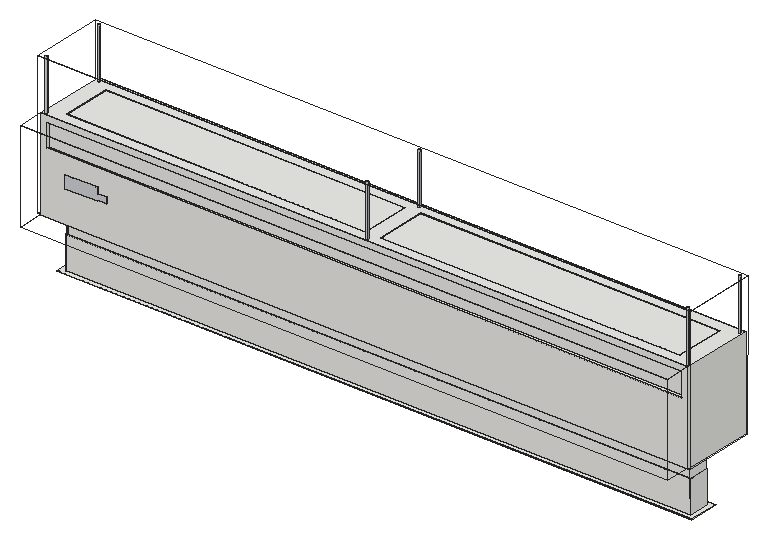
Revit family "AIRTECNICS_AIR CURTAIN_INVISAIR_ELECTRICAL HEATED (E)", category Mechanical Equipment, Revit 2016
Family settings
  Part Type = Normal
  Round Connector Dimension = Use Diameter
  OmniClass Number = 23.75.70.21.17
  OmniClass Title = Air Curtains
  Work Plane-Based = No
  Always vertical = Yes
  Cut with Voids When Loaded = No
  Shared = No
  Room Calculation Point = No
Parameters (values of type "IECG 2500 E")
  · POSITION · [instance] = "-/ Select Curtain Position /-"  # constant formula
  · OTHERS · [instance] = "-/ Select Supports - Inst.Maint. Space /-"  # constant formula
  · KITS CONFIGURATION · [instance] = "-/ Configure Length Kit /-"  # constant formula
  · HEATING · [instance] = "-/ Select Heating /-"  # constant formula
  Weight [instance] = size_lookup(Name_Lookup_Data, "Weight", 1.00 kg, CT, CE, CM)  # 103.00 kg
  WAn [instance] = if(Vertical Left, 180.00°, if(Vertical Right, 0.00°, 90.00°))  # 90.00°
  Voltage [instance] = 400 V  # constant formula
  Vertical Right [instance] = no
  Vertical Left [instance] = no
  URL_Manufacturer = "https://www.airtecnics.com/"
  URL_Datasheet = "https://www.airtecnics.com/download/file/1936/invisair.pdf"
  Supports Length [instance] = 200.0 mm
  Supports (Horizontal) [instance] = yes
  Special Installation [instance] = no
  Revit Version = "Revit 2016 - English"  # constant formula
  Review Date = "11/2018"  # constant formula
  Remote Control = "IR-AIR"  # constant formula
  URL = "https://www.airtecnics.com/products/air-curtain-invisair"
  Product Size = if(L = 1500.0 mm, "1500", if(L = 2000.0 mm, "2000", "2500"))  # "2500"
  Product Reference [instance] = size_lookup(Name_Lookup_Ref, "", "Consult Manufacturer", CT, CE, CM)  # "IECG 2500 E"
  Product Heating [instance] = if(CE = 0, "E Standard", if(CE = 2, "E Limited 1/3", "E Limited 2/3"))  # "E Standard"
  Product Description [instance] = size_lookup(Name_Lookup_Data, "", "Consult Manufacturer", CT, CE, CM)  # "Specially designed for applications where the body of the air curtain is to be installed inside a column or bulkhead for architectural reasons. It can be vertically or horizontally mounted.\r\nSelf-supporting casing construction made of galvanized steel plate, finished in structural epoxy-polyester painting white colour RAL9016 as standard. Other colours or stainless steel are available on request. \r\nThe air flow of Invisair follows a straight line from the air inlet grille to the to the discharge. Inlet area inside a bulkhead or column should be designed with suitable grille provided by others.\r\nAnodized aluminium outlet vanes, airfoil shaped, adjustable from 0 to 15º each side.\r\nDouble-inlet centrifugal fans driven by an external rotor motor and low noise level. 5-speed selector. EC models assembled with very low consumption efficiency fans. \r\n“E” type with electrical shielded elements, three stages with integrated regulation. \r\nIncludes Plug&Play control with 7m RJ45 cable and infrared remote control. Optional: Clever control (programmable, automatic, intelligent, energy saving, Modbus RTU for BMS…)\r\nAir Volume: 6300 m3/h \r\nFans:  0,497 kW  4,34 A 230Vx1 50/60Hz\r\nHeating power: 10/20/30 kW (400Vx3)\r\nDimensions: 285x570/620x2555 mm (depth, height, length), including telescopic outlet for easy installation."
  Power Fans Factor [instance] = if(or(CM = 2, CM = 8), 0.98, 0.5)  # 0.5
  Power Fans [instance] = size_lookup(Name_Lookup_Data, "Power Fans", 1 kW, CT, CE, CM)  # 0.497 kW
  Power Factor [instance] = size_lookup(Name_Lookup_Data, "Power Factor", 1, CT, CE, CM)  # 0.95249
  Outlet Kit Length [instance] = 210.0 mm
  Noise Level (dB(A)) [instance] = size_lookup(Name_Lookup_Data, "Noise Level (dB(A))", 1, CT, CE, CM)  # 64
  Name_Lookup_Ref = "INVISAIR_(E)_Ref_Lookup"  # constant formula
  Name_Lookup_Electrical = "INVISAIR_(E)_Electrical_Lookup"  # constant formula
  Name_Lookup_Data = "INVISAIR_(E)_Data_Lookup"  # constant formula
  Model = "Air Curtain Invisair E"  # constant formula
  Material Grille = AIRTECNICS_Perforated_Invisair_White RAL 9016
  Material Curtain [instance] = AIRTECNICS_White RAL 9016
  M = no
  Li1 [instance] = if(Horizontal, 0.0 mm, if(L = 1500.0 mm, L / 2 + 65.0 mm, L / 2 + 67.5 mm))  # 0.0 mm
  Length = if(L > 1500.0 mm, L + 55.0 mm, L + 50.0 mm)  # 2555.0 mm
  Kits Range [instance] = "Max. 260 mm / Min. 210 mm"  # constant formula
  Height [instance] = 570.0 mm + Outlet Kit Length - 210.0 mm + Depth - Depth  # 570.0 mm
  G = yes
  Frequency = 50 Hz  # constant formula
  Fans Stage = 5  # constant formula
  Family Version = "1.0"  # constant formula
  Electrical Heating Capacity (kW) [instance] = size_lookup(Name_Lookup_Electrical, "", "Consult Manufacturer", CT, CE, CM)  # "10/20/30"
  Electrical + Current Fans [instance] = size_lookup(Name_Lookup_Data, "Electrical + Current Fans", 1 A, CT, CE, CM)  # 47.69 A
  EC = yes
  E Standard [instance] = if(CE = 0, 1 = 1, 1 = 0)  # yes
  E Limited 2/3 [instance] = no
  E Limited 1/3 [instance] = no
  Depth = 285.0 mm  # constant formula
  Current Fans [instance] = size_lookup(Name_Lookup_Data, "Current Fans", 1 A, CT, CE, CM)  # 4.34 A
  Created by = "BIMETRICAL"  # constant formula
  Control [instance] = "CE-5AW-IR"  # constant formula
  Cable = "CB7"  # constant formula
  CT [instance] = if(L = 1500.0 mm, 4, 0) + if(L = 2000.0 mm, 8, 0) + if(L = 2500.0 mm, 16, 0)  # 16
  CM [instance] = if(M, 2, 0) + if(EC, 4, 0) + if(G, 8, 0)  # 12
  CE [instance] = if([E Limited 1/3], 2, 0) + if([E Limited 2/3], 4, 0)  # 0
  Aspiration/Maintenance Space [instance] = yes
  Airflow [instance] = size_lookup(Name_Lookup_Data, "Airflow", 1 m³/h, CT, CE, CM)  # 6300 m³/h
  L = 2500.0 mm
  Type Image = <None>
  IfcExportType = "ELECTRICHEATINGCOIL"  # constant formula
  IfcExportAs = "IfcCoilType"  # constant formula
  Horizontal [instance] = if(or(Vertical Left, Vertical Right), 1 = 0, 1 = 1)  # yes
  Manufacturer = "AIRTECNICS"  # constant formula
  Description = ""
  Type Comments = "Specially designed for applications where the body of the air curtain is to be installed inside a column or bulkhead for architectural reasons. It can be vertically or horizontally mounted.\r\nSelf-supporting casing construction made of galvanized steel plate, finished in structural epoxy-polyester painting white colour RAL9016 as standard. Other colours or stainless steel are available on request.\r\nThe air flow of Invisair follows a straight line from the air inlet grille to the to the discharge. Inlet area inside a bulkhead or column should be designed with suitable grille provided by others.\r\nAnodized aluminium outlet vanes, airfoil shaped, adjustable from 0 to 15º each side.\r\nDouble-inlet centrifugal fans driven by an external rotor motor and low noise level. 5-speed selector. EC models assembled with very low consumption efficiency fans.\r\n“P” type with water heated coil. “E” type with electrical shielded elements, three stages with integrated regulation. “A” type without heating, air only. Optional expansion DX coil.\r\nIncludes Plug&Play control with 7m RJ45 cable and infrared remote control. Optional: Clever control (programmable, automatic, intelligent, energy saving, Modbus RTU for BMS…)\r\n"  # constant formula
  BIMETRICAL Category = "Coil"  # constant formula
  BIMETRICAL = "http://www.bimetrical.com"  # constant formula
  3rd Phase [instance] = size_lookup(Name_Lookup_Data, "3rd Phase", 1 VA, CT, CE, CM)  # 10000 VA
  2nd Phase [instance] = size_lookup(Name_Lookup_Data, "2nd Phase", 1 VA, CT, CE, CM)  # 10000 VA
  1st Phase [instance] = size_lookup(Name_Lookup_Data, "1st Phase", 1 VA, CT, CE, CM)  # 10994 VA
Types (9, lengths in mm): name | Weight | Product Size | Product Reference | Product Description | Power Fans Factor | Power Fans | Power Factor | Noise Level (dB(A)) | M | Length | G | Electrical Heating Capacity (kW) | Electrical + Current Fans | EC | Current Fans | CT | CM | Airflow | L | 3rd Phase | 2nd Phase | 1st Phase
  IECG 2500 E | 103.00 kg | "2500" | "IECG 2500 E" | "Specially designed for applications where the body of the air curtain is to be installed inside a column or bulkhead for architectural reasons. It can be vertically or horizontally mounted.\r\nSelf-supporting casing construction made of galvanized steel plate, finished in structural epoxy-polyester painting white colour RAL9016 as standard. Other colours or stainless steel are available on request. \r\nThe air flow of Invisair follows a straight line from the air inlet grille to the to the discharge. Inlet area inside a bulkhead or column should be designed with suitable grille provided by others.\r\nAnodized aluminium outlet vanes, airfoil shaped, adjustable from 0 to 15º each side.\r\nDouble-inlet centrifugal fans driven by an external rotor motor and low noise level. 5-speed selector. EC models assembled with very low consumption efficiency fans. \r\n“E” type with electrical shielded elements, three stages with integrated regulation. \r\nIncludes Plug&Play control with 7m RJ45 cable and infrared remote control. Optional: Clever control (programmable, automatic, intelligent, energy saving, Modbus RTU for BMS…)\r\nAir Volume: 6300 m3/h \r\nFans:  0,497 kW  4,34 A 230Vx1 50/60Hz\r\nHeating power: 10/20/30 kW (400Vx3)\r\nDimensions: 285x570/620x2555 mm (depth, height, length), including telescopic outlet for easy installation." | 0.5 | 0.497 kW | 0.95249 | 64 | no | 2555.0 | yes | "10/20/30" | 47.69 A | yes | 4.34 A | 16 | 12 | 6300 m³/h | 2500.0 | 10000 VA | 10000 VA | 10994 VA
  IECG 2000 E | 96.00 kg | "2000" | "IECG 2000 E" | "Specially designed for applications where the body of the air curtain is to be installed inside a column or bulkhead for architectural reasons. It can be vertically or horizontally mounted.\r\nSelf-supporting casing construction made of galvanized steel plate, finished in structural epoxy-polyester painting white colour RAL9016 as standard. Other colours or stainless steel are available on request. \r\nThe air flow of Invisair follows a straight line from the air inlet grille to the to the discharge. Inlet area inside a bulkhead or column should be designed with suitable grille provided by others.\r\nAnodized aluminium outlet vanes, airfoil shaped, adjustable from 0 to 15º each side.\r\nDouble-inlet centrifugal fans driven by an external rotor motor and low noise level. 5-speed selector. EC models assembled with very low consumption efficiency fans. \r\n“E” type with electrical shielded elements, three stages with integrated regulation. \r\nIncludes Plug&Play control with 7m RJ45 cable and infrared remote control. Optional: Clever control (programmable, automatic, intelligent, energy saving, Modbus RTU for BMS…)\r\nAir Volume: 5400 m3/h \r\nFans:  0,426 kW  3,72 A 230Vx1 50/60Hz\r\nHeating power: 10/20/30 kW (400Vx3)\r\nDimensions: 285x570/620x2055 mm (depth, height, length), including telescopic outlet for easy installation." | 0.5 | 0.426 kW | 0.95872 | 63 | no | 2055.0 | yes | "10/20/30" | 47.07 A | yes | 3.72 A | 8 | 12 | 5400 m³/h | 2000.0 | 10000 VA | 10000 VA | 10852 VA
  IECG 1500 E | 73.00 kg | "1500" | "IECG 1500 E" | "Specially designed for applications where the body of the air curtain is to be installed inside a column or bulkhead for architectural reasons. It can be vertically or horizontally mounted.\r\nSelf-supporting casing construction made of galvanized steel plate, finished in structural epoxy-polyester painting white colour RAL9016 as standard. Other colours or stainless steel are available on request. \r\nThe air flow of Invisair follows a straight line from the air inlet grille to the to the discharge. Inlet area inside a bulkhead or column should be designed with suitable grille provided by others.\r\nAnodized aluminium outlet vanes, airfoil shaped, adjustable from 0 to 15º each side.\r\nDouble-inlet centrifugal fans driven by an external rotor motor and low noise level. 5-speed selector. EC models assembled with very low consumption efficiency fans. \r\n“E” type with electrical shielded elements, three stages with integrated regulation. \r\nIncludes Plug&Play control with 7m RJ45 cable and infrared remote control. Optional: Clever control (programmable, automatic, intelligent, energy saving, Modbus RTU for BMS…)\r\nAir Volume: 3600 m3/h \r\nFans:  0,284 kW  2,48 A 230Vx1 50/60Hz\r\nHeating power: 7,5/15/22,5 kW (400Vx3)\r\nDimensions: 285x570/620x1550 mm (depth, height, length), including telescopic outlet for easy installation." | 0.5 | 0.284 kW | 0.96296 | 62 | no | 1550.0 | yes | "7,5/15/22,5" | 34.99 A | yes | 2.48 A | 4 | 12 | 3600 m³/h | 1500.0 | 7500 VA | 7500 VA | 10568 VA
  IG 2500 E | 103.00 kg | "2500" | "IG 2500 E" | "Specially designed for applications where the body of the air curtain is to be installed inside a column or bulkhead for architectural reasons. It can be vertically or horizontally mounted.\r\nSelf-supporting casing construction made of galvanized steel plate, finished in structural epoxy-polyester painting white colour RAL9016 as standard. Other colours or stainless steel are available on request. \r\nThe air flow of Invisair follows a straight line from the air inlet grille to the to the discharge. Inlet area inside a bulkhead or column should be designed with suitable grille provided by others.\r\nAnodized aluminium outlet vanes, airfoil shaped, adjustable from 0 to 15º each side.\r\nDouble-inlet centrifugal fans driven by an external rotor motor and low noise level. 5-speed selector. \r\n“E” type with electrical shielded elements, three stages with integrated regulation. \r\nIncludes Plug&Play control with 7m RJ45 cable and infrared remote control. Optional: Clever control (programmable, automatic, intelligent, energy saving, Modbus RTU for BMS…)\r\nAir Volume: 5600 m3/h \r\nFans:  1,498 kW  6,65 A 230Vx1 50Hz\r\nHeating power: 10/20/30 kW (400Vx3)\r\nDimensions: 285x570/620x2555 mm (depth, height, length), including telescopic outlet for easy installation." | 0.98 | 1.498 kW | 0.99735 | 60 | no | 2555.0 | yes | "10/20/30" | 50 A | no | 6.65 A | 16 | 8 | 5600 m³/h | 2500.0 | 10000 VA | 10000 VA | 11529 VA
  IG 2000 E | 96.00 kg | "2000" | "IG 2000 E" | "Specially designed for applications where the body of the air curtain is to be installed inside a column or bulkhead for architectural reasons. It can be vertically or horizontally mounted.\r\nSelf-supporting casing construction made of galvanized steel plate, finished in structural epoxy-polyester painting white colour RAL9016 as standard. Other colours or stainless steel are available on request. \r\nThe air flow of Invisair follows a straight line from the air inlet grille to the to the discharge. Inlet area inside a bulkhead or column should be designed with suitable grille provided by others.\r\nAnodized aluminium outlet vanes, airfoil shaped, adjustable from 0 to 15º each side.\r\nDouble-inlet centrifugal fans driven by an external rotor motor and low noise level. 5-speed selector. \r\n“E” type with electrical shielded elements, three stages with integrated regulation. \r\nIncludes Plug&Play control with 7m RJ45 cable and infrared remote control. Optional: Clever control (programmable, automatic, intelligent, energy saving, Modbus RTU for BMS…)\r\nAir Volume: 4800 m3/h \r\nFans:  1,284 kW  5,7 A 230Vx1 50Hz\r\nHeating power: 10/20/30 kW (400Vx3)\r\nDimensions: 285x570/620x2055 mm (depth, height, length), including telescopic outlet for easy installation." | 0.98 | 1.284 kW | 0.99768 | 59 | no | 2055.0 | yes | "10/20/30" | 49.05 A | no | 5.7 A | 8 | 8 | 4800 m³/h | 2000.0 | 10000 VA | 10000 VA | 11310 VA
  IG 1500 E | 73.00 kg | "1500" | "IG 1500 E" | "Specially designed for applications where the body of the air curtain is to be installed inside a column or bulkhead for architectural reasons. It can be vertically or horizontally mounted.\r\nSelf-supporting casing construction made of galvanized steel plate, finished in structural epoxy-polyester painting white colour RAL9016 as standard. Other colours or stainless steel are available on request. \r\nThe air flow of Invisair follows a straight line from the air inlet grille to the to the discharge. Inlet area inside a bulkhead or column should be designed with suitable grille provided by others.\r\nAnodized aluminium outlet vanes, airfoil shaped, adjustable from 0 to 15º each side.\r\nDouble-inlet centrifugal fans driven by an external rotor motor and low noise level. 5-speed selector. \r\n“E” type with electrical shielded elements, three stages with integrated regulation. \r\nIncludes Plug&Play control with 7m RJ45 cable and infrared remote control. Optional: Clever control (programmable, automatic, intelligent, energy saving, Modbus RTU for BMS…)\r\nAir Volume: 3200 m3/h \r\nFans:  0,856 kW  3,8 A 230Vx1 50Hz\r\nHeating power: 7,5/15/22,5 kW (400Vx3)\r\nDimensions: 285x570/620x1550 mm (depth, height, length), including telescopic outlet for easy installation." | 0.98 | 0.856 kW | 0.99791 | 58 | no | 1550.0 | yes | "7,5/15/22,5" | 36.31 A | no | 3.8 A | 4 | 8 | 3200 m³/h | 1500.0 | 7500 VA | 7500 VA | 8373 VA
  IM 2500 E | 93.00 kg | "2500" | "IM 2500 E" | "Specially designed for applications where the body of the air curtain is to be installed inside a column or bulkhead for architectural reasons. It can be vertically or horizontally mounted.\r\nSelf-supporting casing construction made of galvanized steel plate, finished in structural epoxy-polyester painting white colour RAL9016 as standard. Other colours or stainless steel are available on request. \r\nThe air flow of Invisair follows a straight line from the air inlet grille to the to the discharge. Inlet area inside a bulkhead or column should be designed with suitable grille provided by others.\r\nAnodized aluminium outlet vanes, airfoil shaped, adjustable from 0 to 15º each side.\r\nDouble-inlet centrifugal fans driven by an external rotor motor and low noise level. 5-speed selector. \r\n“E” type with electrical shielded elements, three stages with integrated regulation. \r\nIncludes Plug&Play control with 7m RJ45 cable and infrared remote control. Optional: Clever control (programmable, automatic, intelligent, energy saving, Modbus RTU for BMS…)\r\nAir Volume: 4620 m3/h \r\nFans:  0,742 kW  3,29 A 230Vx1 50Hz\r\nHeating power: 6/12/18 kW (400Vx3)\r\nDimensions: 285x570/620x2555 mm (depth, height, length), including telescopic outlet for easy installation." | 0.98 | 0.742 kW | 0.99776 | 58 | yes | 2555.0 | no | "6/12/18" | 29.77 A | no | 3.29 A | 16 | 2 | 4620 m³/h | 2500.0 | 6000 VA | 6000 VA | 6757 VA
  IM 2000 E | 86.00 kg | "2000" | "IM 2000 E" | "Specially designed for applications where the body of the air curtain is to be installed inside a column or bulkhead for architectural reasons. It can be vertically or horizontally mounted.\r\nSelf-supporting casing construction made of galvanized steel plate, finished in structural epoxy-polyester painting white colour RAL9016 as standard. Other colours or stainless steel are available on request. \r\nThe air flow of Invisair follows a straight line from the air inlet grille to the to the discharge. Inlet area inside a bulkhead or column should be designed with suitable grille provided by others.\r\nAnodized aluminium outlet vanes, airfoil shaped, adjustable from 0 to 15º each side.\r\nDouble-inlet centrifugal fans driven by an external rotor motor and low noise level. 5-speed selector. \r\n“E” type with electrical shielded elements, three stages with integrated regulation. \r\nIncludes Plug&Play control with 7m RJ45 cable and infrared remote control. Optional: Clever control (programmable, automatic, intelligent, energy saving, Modbus RTU for BMS…)\r\nAir Volume: 3960 m3/h \r\nFans:  0,636 kW  2,82 A 230Vx1 50Hz\r\nHeating power: 6/12/18 kW (400Vx3)\r\nDimensions: 285x570/620x2055 mm (depth, height, length), including telescopic outlet for easy installation." | 0.98 | 0.636 kW | 0.99805 | 57 | yes | 2055.0 | no | "6/12/18" | 29.3 A | no | 2.82 A | 8 | 2 | 3960 m³/h | 2000.0 | 6000 VA | 6000 VA | 6649 VA
  IM 1500 E | 67.00 kg | "1500" | "IM 1500 E" | "Specially designed for applications where the body of the air curtain is to be installed inside a column or bulkhead for architectural reasons. It can be vertically or horizontally mounted.\r\nSelf-supporting casing construction made of galvanized steel plate, finished in structural epoxy-polyester painting white colour RAL9016 as standard. Other colours or stainless steel are available on request. \r\nThe air flow of Invisair follows a straight line from the air inlet grille to the to the discharge. Inlet area inside a bulkhead or column should be designed with suitable grille provided by others.\r\nAnodized aluminium outlet vanes, airfoil shaped, adjustable from 0 to 15º each side.\r\nDouble-inlet centrifugal fans driven by an external rotor motor and low noise level. 5-speed selector. \r\n“E” type with electrical shielded elements, three stages with integrated regulation. \r\nIncludes Plug&Play control with 7m RJ45 cable and infrared remote control. Optional: Clever control (programmable, automatic, intelligent, energy saving, Modbus RTU for BMS…)\r\nAir Volume: 2640 m3/h \r\nFans:  0,424 kW  1,88 A 230Vx1 50Hz\r\nHeating power: 4/8/12 kW (400Vx3)\r\nDimensions: 285x570/620x1550 mm (depth, height, length), including telescopic outlet for easy installation." | 0.98 | 0.424 kW | 0.99819 | 56 | yes | 1550.0 | no | "4/8/12" | 19.22 A | no | 1.88 A | 4 | 2 | 2640 m³/h | 1500.0 | 4000 VA | 4000 VA | 4432 VA
Reference planes
  plane 1 "Centro (Frontal/Posterior)": z = 0
  plane 2: y = 246.57
  plane 3 "Centro (Izquierda/Derecha)": x = 0
  plane 4 "Susp": z = 0
Lines and regions (mm)
  reference lines
    curve 1: line (0, 246.57, 0) -> (0, 246.57, -145)
Dimensions and locks
  "Li1": plane 4 "Susp" to plane 1 "Centro (Frontal/Posterior)"
  "WAn": angle plane 4 "Susp" to curve 1
  aligned and locked: plane 3 "Centro (Izquierda/Derecha)" to curve 1
  aligned and locked: plane 4 "Susp" to curve 1
Nested families
  nested 1: "GEOM_INVISAIR_(A-E-P)" at (15, 246.57, 11.983), Outlet Kit Lenght <- "Outlet Kit Length", SPCI <- "Special Installation", Horizontal <- "Horizontal", Vertical Left <- "Vertical Left", Vertical Right <- "Vertical Right", Supports (Horizontal) <- "Supports (Horizontal)", type "GEOM_INVISAIR_(A-E-P)"
    with Vertical Right no, Vertical Left no, VSUP yes, VPE no, VPD no, Supports (Horizontal) yes, STNI yes, SPCI no, P4 no, P3 no, P2 yes, P1 no, Outlet Kit Lenght 210.0 mm, OKL 210.0 mm, L5 0.0 mm, L4 15.0 mm, L3 10.0 mm, L2 10.0 mm, L1 176.22 mm, Horizontal yes, C_P 2, C_L 8, CH_4 235.0 mm, CH_3 37.0 mm, CH_2 139.0 mm, CH_1 275.86 mm, CC_4 50.0 mm, CC_3 221.89 mm, CC_2 106.0 mm, CC_1 313.83 mm, AH 90.00°, AC 90.00°, Aspiration/Maintenance Space yes
Connectors
  electrical at (-1060.125, 103.07, 160.633), driven by "Voltage", driven by "1st Phase", driven by "2nd Phase", driven by "3rd Phase"
    settings: on nested 1, index 1, voltage 400 V, apparent load 0 VA, apparent load phase1 10994 VA, apparent load phase2 10000 VA, apparent load phase3 10000 VA, power factor 1, load classification "HVAC", number of poles 3, system type 31, power factor state 1, is connector primary yes, connector utility no, sub classification motor no, connector description ""
Definition of nested family "GEOM_INVISAIR_(A-E-P)"
  Parameters (values of type "GEOM_INVISAIR_(A-E-P)")
    Vertical Right [instance] = no
    Vertical Left [instance] = no
    VSUP [instance] = if(and(Horizontal, [Supports (Horizontal)]), 1 = 1, 1 = 0)  # yes
    VPE [instance] = Vertical Left  # no
    VPD [instance] = Vertical Right  # no
    Supports Length = 200.0 mm
    Supports (Horizontal) [instance] = yes
    STNI [instance] = not(SPCI)  # yes
    SPCI [instance] = no
    Revit Version = "Revit 2016 - English"  # constant formula
    Review Date = "11/2018"  # constant formula
    P4 [instance] = no
    P3 [instance] = no
    P2 [instance] = not(or(P1, P3, P4))  # yes
    P1 [instance] = no
    P = no
    Outlet Kit Lenght [instance] = 250.0 mm
    OKL [instance] = if(Outlet Kit Lenght > 260.0 mm, 260.0 mm, if(Outlet Kit Lenght < 210.0 mm, 210.0 mm, Outlet Kit Lenght))  # 250.0 mm
    Name_CH = "CH_Dimensions_Lookup"  # constant formula
    Name_CC = "CC_Dimensions_Lookup"  # constant formula
    Model = "INVISAIR"  # constant formula
    Material Grille = none
    Material Curtain = none
    L* = if(L < 2000.0 mm, L + 50.0 mm, L + 55.0 mm)  # 2555.0 mm
    Manufacturer = "AIRTECNICS"  # constant formula
    L_sup = if(Supports Length = 0.0 mm, 1.0 mm, Supports Length)  # 200.0 mm
    L6 = 0.0 mm  # constant formula
    L5 [instance] = 15.0 mm
    L4 [instance] = if(or(and(P4, Vertical Right), and(P1, Vertical Left)), 55.0 mm, 15.0 mm)  # 15.0 mm
    L3 [instance] = if(and(P, P4), 100.0 mm, 10.0 mm)  # 10.0 mm
    L2 [instance] = if(and(P, P1), 100.0 mm, 10.0 mm)  # 10.0 mm
    L1 [instance] = if(STNI, 176.22 mm, 108.78 mm)  # 176.22 mm
    L = 2500.0 mm
    Horizontal [instance] = yes
    Family Version = "1.0"  # constant formula
    Default Elevation = 1219.2 mm
    D_P = 20.00 mm
    Created by = "BIMETRICAL"  # constant formula
    C_P [instance] = if(P1, 1, 0) + if(P2, 2, 0) + if(P3, 4, 0) + if(P4, 8, 0)  # 2
    C_L [instance] = if(L = 1500.0 mm, 2, 0) + if(L = 2000.0 mm, 4, 0) + if(L = 2500.0 mm, 8, 0)  # 8
    CH_4 [instance] = size_lookup(Name_CH, "CH_4", 235.0 mm, C_L, C_P)  # 235.0 mm
    CH_3 [instance] = size_lookup(Name_CH, "CH_3", 37.0 mm, C_L, C_P)  # 37.0 mm
    CH_2 [instance] = size_lookup(Name_CH, "CH_2", 139.0 mm, C_L, C_P)  # 139.0 mm
    CH_1 [instance] = size_lookup(Name_CH, "CH_1", 275.86 mm, C_L, C_P)  # 275.86 mm
    CC_4 [instance] = size_lookup(Name_CC, "CC_4", 50.0 mm, C_L, C_P)  # 50.0 mm
    CC_3 [instance] = size_lookup(Name_CC, "CC_3", 221.89 mm, C_L, C_P)  # 221.89 mm
    CC_2 [instance] = size_lookup(Name_CC, "CC_2", 106.0 mm, C_L, C_P)  # 106.0 mm
    CC_1 [instance] = size_lookup(Name_CC, "CC_1", 313.86 mm, C_L, C_P)  # 313.83 mm
    BIMETRICAL = "http://www.bimetrical.com/"  # constant formula
    Aspiration/Maintenance Space = no
    AH [instance] = size_lookup(Name_CH, "AH", 90.00°, C_L, C_P)  # 90.00°
    AC [instance] = size_lookup(Name_CC, "AC", 90.00°, C_L, C_P)  # 90.00°
  Reference planes
    plane 1 "Centro (Frontal/Posterior)": y = 0
    plane 2: z = 0
    plane 3 "Centro (Izquierda/Derecha)": x = 0
    plane 4: y = 142.5
    plane 5: y = -142.5
    plane 6: x = -1277.5
    plane 7: x = 1277.5
    plane 8: z = 360
    plane 9: x = -1253.5
    plane 10: x = 1253.5
    plane 11: z = 337
    plane 12: x = -1210.5
    plane 13: x = 1210.5
    plane 14: x = 30
    plane 15: x = -30
    plane 16: y = -96.75
    plane 17: y = 96.75
    plane 18: z = 313.83
    plane 19: z = 275.86
    plane 20: x = -1171.5
    plane 21: x = -1138.5
    plane 22: y = 92.5
    plane 23: y = -92.5
    plane 24: x = -1265
    plane 25: x = 1265
    plane 26: y = 128.5
    plane 27: y = -128.5
  Forms (mm)
    Extrusion 1, solid, material <- "Material Curtain"
      sketch origin (-1376.546, -1524, 270) x (-1, 0, 0) y (0, -1, 0)
        loop
          line (-99.046, -1666.5) -> (-99.046, -1381.5) -> (-2654.046, -1381.5) -> (-2654.046, -1666.5) -> (-99.046, -1666.5)
      from -270 to 90
    Extrusion 2, void
      sketch origin (-1776.211, -142.5, 1200) x (1, 0, 0) y (0, 0, -1)
        loop
          line (522.711, 863) -> (3029.711, 863) -> (3029.711, 956) -> (522.711, 956) -> (522.711, 863)
      from 13 to 0
    Extrusion 3, void
      sketch origin (-1504.338, -1524, 360) x (-1, 0, 0) y (0, -1, 0)
        loop
          line (-293.838, -1620.75) -> (-293.838, -1427.25) -> (-1474.338, -1427.25) -> (-1474.338, -1620.75) -> (-293.838, -1620.75)
        loop
          line (-1534.338, -1620.75) -> (-1534.338, -1427.25) -> (-2714.838, -1427.25) -> (-2714.838, -1620.75) -> (-1534.338, -1620.75)
      from 0 to -13
    Extrusion 4, solid, material <- "Material Grille"
      sketch origin (-1504.338, -1524, 360) x (-1, 0, 0) y (0, -1, 0)
        loop
          line (-293.838, -1620.75) -> (-293.838, -1427.25) -> (-1474.338, -1427.25) -> (-1474.338, -1620.75) -> (-293.838, -1620.75)
        loop
          line (-1534.338, -1620.75) -> (-1534.338, -1427.25) -> (-2714.838, -1427.25) -> (-2714.838, -1620.75) -> (-1534.338, -1620.75)
      from 0 to -2
    Extrusion 5, solid
      sketch origin (-1776.211, -142.5, 1200) x (-1, 0, 0) y (0, 0, -1)
        loop
          line (-723.624, 1071.5) -> (-723.798, 1067.5) -> (-760.711, 1067.5) -> (-760.711, 1044.2) -> (-723.711, 1044.2) -> (-723.711, 1022.2) -> (-596.211, 1022.2) -> (-596.211, 1071.5) -> (-723.624, 1071.5)
      from 0 to 1
    Extrusion 6, solid, visible <- "P"
      sketch origin (-1171.5, -129.39, 313.83) x (0, 0, 1) y (-1, 0, 0)
        loop
          circle (0.059, 0) r 10
      from 0 to 15 <- "L4"
    Extrusion 7, solid, visible <- "P"
      sketch origin (-1138.5, -129.5, 276.858) x (0, 0, 1) y (-1, 0, 0)
        loop
          circle (-0.998, 0) r 10
      from 0 to 15 <- "L4"
    Extrusion 8, solid, visible <- "Aspiration/Maintenance Space"
      sketch origin (-1776.211, -142.5, 1200) x (-1, 0, 0) y (0, 0, -1)
        loop
          line (-498.711, 1200) -> (-498.711, 840) -> (-3053.711, 840) -> (-3053.711, 1200) -> (-3063.711, 1200) -> (-3063.711, 640) -> (-488.711, 640) -> (-488.711, 1200) -> (-498.711, 1200)
      from 0 to -285
    Extrusion 9, solid, visible <- "Aspiration/Maintenance Space"
      sketch origin (-1776.211, -142.5, 1200) x (-1, 0, 0) y (0, 0, -1)
        loop
          line (-498.711, 840) -> (-498.711, 1200) -> (-3053.711, 1200) -> (-3053.711, 840) -> (-498.711, 840)
      from 0 to 100
    Extrusion 10, solid, visible <- "VSUP"
      sketch origin (-1504.338, -1524, 360) x (-1, 0, 0) y (0, -1, 0)
        loop
          circle (-239.338, -1652.5) r 4
        loop
          circle (-239.338, -1395.5) r 4
        loop
          circle (-1504.338, -1395.5) r 4
        loop
          circle (-1504.338, -1652.5) r 4
        loop
          circle (-2769.338, -1652.5) r 4
        loop
          circle (-2769.338, -1395.5) r 4
      from -1 to 200
    Extrusion 11, solid, visible <- "VPE"
      sketch origin (-1277.5, 218.751, 1200) x (0, 1, 0) y (0, 0, 1)
        loop
          line (-91.751, -858.5) -> (-345.751, -858.5) -> (-345.751, -1181.5) -> (-91.751, -1181.5) -> (-91.751, -858.5)
      from 0 to -40
    Extrusion 12, solid, visible <- "VPD"
      sketch origin (1277.5, 236.157, 1200) x (0, 1, 0) y (0, 0, -1)
        loop
          line (-109.157, 858.5) -> (-109.157, 1181.5) -> (-363.157, 1181.5) -> (-363.157, 858.5) -> (-109.157, 858.5)
      from 0 to -40
  Cuts and joins
    Extrusion 2, Extrusion 3 cuts Extrusion 1
  Lines and regions (mm)
    reference lines
      curve 1: line (-1171.5, 92.5, 313.83) -> (-1171.5, -129.39, 313.83)
      curve 2: line (-1138.5, -92.5, 275.86) -> (-1138.5, -129.5, 275.86)
    symbolic lines
      curve 3: line (-1277.5, 142.5, 275.86) -> (1277.5, 142.5, 275.86)
      curve 4: line (-1277.5, -142.5, 275.86) -> (-1277.5, 142.5, 275.86)
      curve 5: line (1277.5, -142.5, 275.86) -> (-1277.5, -142.5, 275.86)
      curve 6: line (1277.5, 142.5, 275.86) -> (1277.5, -142.5, 275.86)
      curve 7: line (-1223.5, -15.69, 275.86) -> (1223.5, -15.69, 275.86)
      curve 8: line (-1223.5, -23.386, 275.86) -> (-1223.5, -15.69, 275.86)
      curve 9: line (1223.5, -23.386, 275.86) -> (-1223.5, -23.386, 275.86)
      curve 10: line (1223.5, -15.69, 275.86) -> (1223.5, -23.386, 275.86)
      curve 11: line (1223.5, -44.054, 275.86) -> (-1223.5, -44.054, 275.86)
      curve 12: line (1223.5, -51.746, 275.86) -> (1223.5, -44.054, 275.86)
      curve 13: line (-1223.5, -51.746, 275.86) -> (1223.5, -51.746, 275.86)
      curve 14: line (-1223.5, -44.054, 275.86) -> (-1223.5, -51.746, 275.86)
    symbolic lines, visible <- "Aspiration/Maintenance Space"
      curve 15: line (-1277.5, 142.5, 275.86) -> (-1287.5, 142.5, 275.86)
      curve 16: line (-1287.5, 142.5, 275.86) -> (-1287.5, -142.5, 275.86)
      curve 17: line (-1287.5, -142.5, 275.86) -> (-1277.5, -142.5, 275.86)
      curve 18: line (1277.5, 142.5, 275.86) -> (1287.5, 142.5, 275.86)
      curve 19: line (1287.5, 142.5, 275.86) -> (1287.5, -142.5, 275.86)
      curve 20: line (1287.5, -142.5, 275.86) -> (1277.5, -142.5, 275.86)
      curve 21: line (-1277.5, -142.5, 275.86) -> (-1277.5, -242.5, 275.86)
      curve 22: line (-1277.5, -242.5, 275.86) -> (1277.5, -242.5, 275.86)
      curve 23: line (1277.5, -242.5, 275.86) -> (1277.5, -142.5, 275.86)
      curve 24: line (-1277.5, -142.5, 0) -> (-1287.5, -142.5, 0)
      curve 25: line (-1287.5, -142.5, 0) -> (-1287.5, -142.5, 560)
      curve 26: line (-1287.5, -142.5, 560) -> (1287.5, -142.5, 560)
      curve 27: line (1287.5, -142.5, 560) -> (1287.5, -142.5, 0)
      curve 28: line (1287.5, -142.5, 0) -> (1277.5, -142.5, 0)
      curve 29: line (-1277.5, 142.5, 360) -> (-1277.5, 142.5, 560)
      curve 30: line (-1277.5, 142.5, 560) -> (-1277.5, -142.5, 560)
      curve 31: line (-1277.5, -142.5, 560) -> (-1277.5, -142.5, 360)
      curve 32: line (-1277.5, -142.5, 360) -> (-1277.5, -242.5, 360)
      curve 33: line (-1277.5, -242.5, 360) -> (-1277.5, -242.5, 0)
      curve 34: line (-1277.5, -242.5, 0) -> (-1277.5, -142.5, 0)
  Dimensions and locks
    equal spacing: plane 5, plane 1 "Centro (Frontal/Posterior)", plane 4
    locked: plane 5 to plane 4 at 285
    equal spacing: plane 6, plane 3 "Centro (Izquierda/Derecha)", plane 7
    "L*": plane 6 to plane 7
    locked: plane 8 to plane 2 at 360
    locked: plane 9 to plane 6 at 24
    locked: plane 10 to plane 7 at 24
    locked: plane 8 to plane 11 at 23
    locked: plane 6 to plane 12 at 67
    locked: plane 13 to plane 7 at 67
    plane 3 "Centro (Izquierda/Derecha)" to plane 14 = 30.0 mm
    plane 3 "Centro (Izquierda/Derecha)" to plane 15 = 30.0 mm
    locked: plane 16 to plane 5 at 45.75
    locked: plane 17 to plane 4 at 45.75
    locked: plane 11 to Extrusion 2 sketch curve at 93
    "CC_1": plane 18 to level
    "CH_1": plane 19 to level
    "CC_2": plane 20 to plane 6
    "CH_2": plane 21 to plane 6
    "CC_4": plane 4 to plane 22
    "CH_4": plane 4 to plane 23
    "CC_3": curve 1 to curve 1
    "CH_3": curve 2 to curve 2
    locked: level to nested 1 at 0
    "L1": plane 4 to nested 1
    "L2": plane 6 to Extrusion 8 sketch curve
    "L3": plane 7 to Extrusion 8 sketch curve
    locked: plane 6 to plane 24 at 12.5
    locked: plane 25 to plane 7 at 12.5
    locked: plane 4 to plane 26 at 14
    locked: plane 5 to plane 27 at 14
    "Supports Length": Extrusion 10 to plane 8
    locked: Extrusion 11 sketch curve to Extrusion 11 sketch curve at 323
    locked: Extrusion 11 sketch curve to Extrusion 11 sketch curve at 254
    locked: plane 8 to Extrusion 11 sketch curve at 18.5
    locked: Extrusion 12 sketch curve to Extrusion 12 sketch curve at 323
    locked: Extrusion 12 sketch curve to Extrusion 12 sketch curve at 254
    Extrusion 5 sketch curve to Extrusion 5 sketch curve to Extrusion 5 sketch curve to plane 6 = 37.0 mm locked, 127.5 mm locked, 97.5 mm locked
    "D_P": diameter of Extrusion 6 sketch curve
    "D_P": diameter of Extrusion 7 sketch curve
    "AC": angle curve 1 to plane 22
    "AH": angle curve 2 to plane 23
    aligned and locked: level to plane 2
    aligned and locked: Extrusion 1 sketch curve to plane 4
    aligned and locked: plane 6 to Extrusion 1 sketch curve
    aligned and locked: Extrusion 1 sketch curve to plane 5
    aligned and locked: plane 7 to Extrusion 1 sketch curve
    aligned and locked: Extrusion 1 to level
    aligned and locked: plane 8 to Extrusion 1
    aligned and locked: plane 9 to Extrusion 2 sketch curve
    aligned and locked: plane 10 to Extrusion 2 sketch curve
    aligned and locked: plane 5 to cut or joined group of Extrusion 1, Extrusion 2, Extrusion 3
    aligned and locked: plane 17 to Extrusion 3 sketch curve  (x2)
    aligned and locked: plane 12 to Extrusion 3 sketch curve
    aligned and locked: plane 16 to Extrusion 3 sketch curve  (x2)
    aligned and locked: Extrusion 3 sketch curve to plane 15
    aligned and locked: Extrusion 3 sketch curve to plane 14
    aligned and locked: plane 13 to Extrusion 3 sketch curve
    aligned and locked: plane 12 to Extrusion 4 sketch curve
    aligned and locked: plane 17 to Extrusion 4 sketch curve
    aligned and locked: plane 13 to Extrusion 4 sketch curve
    aligned and locked: Extrusion 4 sketch curve to plane 14
    aligned and locked: Extrusion 4 sketch curve to plane 15
    aligned and locked: plane 22 to curve 1
    aligned and locked: plane 20 to curve 1
    aligned and locked: plane 23 to curve 2
    aligned and locked: plane 21 to curve 2
    aligned and locked: Extrusion 5 to plane 5
    aligned and locked: curve 3 to cut or joined group of Extrusion 1, Extrusion 2, Extrusion 3
    aligned and locked: curve 4 to cut or joined group of Extrusion 1, Extrusion 2, Extrusion 3
    aligned and locked: curve 5 to cut or joined group of Extrusion 1, Extrusion 2, Extrusion 3
    aligned and locked: curve 6 to cut or joined group of Extrusion 1, Extrusion 2, Extrusion 3
    aligned and locked: curve 8 to nested 1
    aligned and locked: curve 9 to nested 1
    aligned and locked: curve 10 to nested 1
    aligned and locked: curve 11 to nested 1
    aligned and locked: curve 12 to nested 1
    aligned and locked: curve 13 to nested 1
    aligned and locked: curve 14 to nested 1
    aligned and locked: Extrusion 9 sketch curve to cut or joined group of Extrusion 1, Extrusion 2, Extrusion 3  (x2)
    aligned and locked: Extrusion 9 sketch curve to nested 1
    aligned and locked: curve 16 to Extrusion 8
    aligned and locked: curve 19 to Extrusion 8
    aligned and locked: curve 22 to Extrusion 9
    aligned and locked: Extrusion 9 to plane 6
    aligned and locked: curve 27 to Extrusion 8
    aligned and locked: curve 25 to Extrusion 8
    aligned and locked: plane 24 to Extrusion 10 sketch curve
    aligned and locked: plane 26 to Extrusion 10 sketch curve  (x3)
    aligned and locked: plane 27 to Extrusion 10 sketch curve  (x3)
    aligned and locked: plane 3 "Centro (Izquierda/Derecha)" to Extrusion 10 sketch curve
  Automatic sketch dimensions
    Extrusion 2 sketch curve to plane 11 = 0.0 mm
    plane 17 to Extrusion 4 sketch curve = 0.0 mm
    Extrusion 4 sketch curve to plane 16 = 0.0 mm  (x2)
    Extrusion 5 sketch curve to Extrusion 5 sketch curve = 0.087 mm
    Extrusion 5 sketch curve to Extrusion 5 sketch curve = 0.175 mm
    Extrusion 5 sketch curve to level = 128.5 mm
    Extrusion 5 sketch curve to Extrusion 5 sketch curve = 4.0 mm
    Extrusion 5 sketch curve to Extrusion 5 sketch curve = 23.3 mm
    Extrusion 5 sketch curve to Extrusion 5 sketch curve = 49.3 mm
    curve 8 to curve 8 = 7.696 mm
    Extrusion 9 sketch curve to level = 0.0 mm
    curve 28 to level = 0.0 mm
    plane 7 to curve 28 = 0.0 mm
    curve 24 to plane 6 = 0.0 mm
    curve 25 to level = 0.0 mm
    curve 26 to plane 8 = 200.0 mm
    Extrusion 10 sketch curve to plane 25 = 0.0 mm  (x2)
    Extrusion 10 sketch curve to plane 3 "Centro (Izquierda/Derecha)" = 0.0 mm
    Extrusion 10 sketch curve to plane 24 = 0.0 mm
    Extrusion 11 sketch curve to plane 5 = 15.5 mm
    plane 5 to Extrusion 12 sketch curve = 15.5 mm
    Extrusion 12 sketch curve to level = 18.5 mm
    curve 32 to plane 8 = 0.0 mm
    curve 31 to plane 5 = 0.0 mm
    curve 34 to plane 5 = 0.0 mm
    curve 29 to plane 4 = 0.0 mm
    curve 29 to plane 8 = 0.0 mm
    curve 33 to curve 31 = 100.0 mm
    plane 8 to curve 30 = 200.0 mm
    level to curve 34 = 0.0 mm
    Extrusion 6 sketch curve to plane 20 = 0.0 mm
    plane 18 to Extrusion 6 sketch curve = 0.059 mm
    Extrusion 7 sketch curve to plane 19 = 0.0 mm
    Extrusion 7 sketch curve to plane 21 = 0.0 mm
    plane 7 to Extrusion 8 sketch curve = 0.0 mm
    Extrusion 8 sketch curve to level = 0.0 mm  (x2)
    Extrusion 8 sketch curve to plane 6 = 0.0 mm
    Extrusion 8 sketch curve to plane 8 = 0.0 mm
    Extrusion 8 sketch curve to plane 8 = 200.0 mm
    radius of Extrusion 10 sketch curve = 4.0 mm  (x6)
  Nested families
    nested 1: "GEOM_INVISAIR_OUTLET KIT" at (0, -280.29, -250), L <- "L", Outlet Kit Length <- "OKL", Material <- "Material Curtain", type "Outlet Kit"
      with Vi3 yes, Vi2 yes, Vi1 no, Outlet Kit Length 250.0 mm, Material none, L-45 2459.0 mm, L-39 2465.0 mm, L-2 2503.0 mm, L-16 2501.0 mm, L* 2555.0 mm, L 2500.0 mm
  Definition of nested family "GEOM_INVISAIR_OUTLET KIT"
    Parameters (values of type "Outlet Kit")
      Vi3 [instance] = yes
      Vi2 [instance] = if(L > 2200.0 mm, 1 = 1, 1 = 0)  # no
      Vi1 [instance] = if(L > 2200.0 mm, 1 = 0, 1 = 1)  # yes
      URL = "https://www.airtecnics.com/products/air-curtain-windbox-m-g"
      Revit Version = "Revit 2016 - English"  # constant formula
      Review Date = "10/18"  # constant formula
      Model = "Outlet Kit"  # constant formula
      Outlet Kit Length [instance] = 210.0 mm
      Material [instance] = none
      L-45 [instance] = [L*] - 96.0 mm  # 1454.0 mm
      L-39 [instance] = [L*] - 90.0 mm  # 1460.0 mm
      L-2 [instance] = [L*] - 52.0 mm  # 1498.0 mm
      L-16 [instance] = [L*] - 54.0 mm  # 1496.0 mm
      Type Image = (empty or 0)
      Manufacturer = "AIRTECNICS"  # constant formula
      Li1 = 1.0 mm
      L* [instance] = if(L < 2000.0 mm, L + 50.0 mm, L + 55.0 mm)  # 1550.0 mm
      L [instance] = 1500.0 mm
      Family Version = "1.0"  # constant formula
      Description = "AIRTECNICS_Air curtain Windbox M,G"  # constant formula
      Type Comments = ""
      Default Elevation = 1219.2 mm
      Created by = "BIMETRICAL"  # constant formula
      BIMETRICAL Category = "Fan"  # constant formula
      BIMETRICAL = "http://www.bimetrical.com/"  # constant formula
    Reference planes
      plane 1 "Centro (Frontal/Posterior)": z = 0
      plane 2: y = 246.57
      plane 3 "Centro (Izquierda/Derecha)": x = 0
      plane 4: x = -775
      plane 5: x = 775
      plane 6: x = -749
      plane 7: x = 749
      plane 8: x = -730
      plane 9: x = 730
      plane 10: x = 727
      plane 11: x = -727
      plane 12: z = 1
      plane 13: y = 205.57
      plane 14: y = 194.57
      plane 15: y = 284.07
      plane 16: y = 298.57
      plane 17: y = 209.07
      plane 18: y = 287.57
      plane 19: z = 209
      plane 20: z = 210
      plane 21: z = 109.617
      plane 22: z = 130
      plane 23: y = 187.07
      plane 24: y = 306.07
      plane 25: x = -748
      plane 26: x = 748
      plane 27: x = -721
      plane 28: x = 721
      plane 29: x = -242.333
      plane 30: x = 242.333
    Forms (mm)
      Extrusion 1, solid, material <- "Material"
        sketch origin (0, -0.907, 0) x (0, 1, 0) y (0, 0, 1)
          loop
            arc (237.142, 59.981) -> (233.296, 64) -> (229.45, 59.981) r 3.85
            line (229.45, 59.981) -> (231.847, 5.386)
            arc (231.847, 5.386) -> (233.296, 4) -> (234.745, 5.386) r 1.45
            line (234.745, 5.386) -> (237.142, 59.981)
          loop
            arc (265.503, 59.981) -> (261.656, 64) -> (257.81, 59.981) r 3.85
            line (257.81, 59.981) -> (260.208, 5.386)
            arc (260.208, 5.386) -> (261.656, 4) -> (263.105, 5.386) r 1.45
            line (263.105, 5.386) -> (265.503, 59.981)
        from -721 to 721
      Extrusion 2, solid, material <- "Material"
        sketch origin (0, 0, 0) x (1, 0, 0) y (0, 1, 0)
          loop
            line (-749, 306.07) -> (-749, 187.07) -> (749, 187.07) -> (749, 306.07) -> (-749, 306.07)
          loop
            line (-730, 205.57) -> (730, 205.57) -> (730, 287.57) -> (-730, 287.57) -> (-730, 205.57)
        from 0 to 1
      Extrusion 3, solid, material <- "Material", visible <- "Vi3"
        sketch origin (0, 0, 0) x (1, 0, 0) y (0, 1, 0)
          loop
            line (-730, 287.57) -> (-730, 205.57) -> (730, 205.57) -> (730, 287.57) -> (-730, 287.57)
          loop
            line (-729, 206.57) -> (729, 206.57) -> (729, 286.57) -> (-729, 286.57) -> (-729, 206.57)
        from 130 to 0
      Extrusion 4, solid, visible <- "Vi1", not visible
        sketch origin (-8, -340.372, 21.524) x (0, 1, 0) y (0, 0, 1)
          loop
            line (332.442, 36.84) -> (332.442, 4.84) -> (364.442, 4.84) -> (364.442, 36.84) -> (332.442, 36.84)
        from -1.5 to 4.5
      Extrusion 5, solid, visible <- "Vi1", not visible
        sketch origin (-4, -340.372, 2.371) x (0, 1, 0) y (0, 0, 1)
          loop
            line (310.942, 75.234) -> (310.942, 5.234) -> (385.942, 5.234) -> (385.942, 75.234) -> (310.942, 75.234)
        from 0.5 to 16.5
      Extrusion 6, solid, visible <- "Vi1", not visible
        sketch origin (-3.189, -340.372, 21.13) x (0, 1, 0) y (0, 0, 1)
          loop
            line (332.442, 37.234) -> (332.442, 5.234) -> (364.442, 5.234) -> (364.442, 37.234) -> (332.442, 37.234)
        from 15.689 to 21.689
      Extrusion 7, solid, visible <- "Vi1"
        sketch origin (-12.5, -101.872, 13.918) x (0, 1, 0) y (0, 0, 1)
          loop
            line (332.442, 36.84) -> (332.442, 4.84) -> (364.442, 4.84) -> (364.442, 36.84) -> (332.442, 36.84)
        from -1.5 to 4.5
      Extrusion 8, solid, visible <- "Vi1"
        sketch origin (-8.5, -101.872, -5.234) x (0, 1, 0) y (0, 0, 1)
          loop
            line (310.942, 75.234) -> (310.942, 5.234) -> (385.942, 5.234) -> (385.942, 75.234) -> (310.942, 75.234)
        from 0.5 to 16.5
      Extrusion 9, solid, visible <- "Vi1"
        sketch origin (-7.689, -101.872, 13.524) x (0, 1, 0) y (0, 0, 1)
          loop
            line (332.442, 37.234) -> (332.442, 5.234) -> (364.442, 5.234) -> (364.442, 37.234) -> (332.442, 37.234)
        from 15.689 to 21.689
      Extrusion 10, solid, visible <- "Vi2"
        sketch origin (-234.042, -101.872, 13.766) x (0, 1, 0) y (0, 0, 1)
          loop
            line (332.442, 36.993) -> (332.442, 4.993) -> (364.442, 4.993) -> (364.442, 36.993) -> (332.442, 36.993)
        from -22.292 to -16.292
      Extrusion 11, solid, visible <- "Vi2"
        sketch origin (-237.395, -101.872, -5.234) x (0, 1, 0) y (0, 0, 1)
          loop
            line (310.942, 75.234) -> (310.942, 5.234) -> (385.942, 5.234) -> (385.942, 75.234) -> (310.942, 75.234)
        from -12.939 to 3.061
      Extrusion 12, solid, visible <- "Vi2"
        sketch origin (-257.072, -101.872, 13.524) x (0, 1, 0) y (0, 0, 1)
          loop
            line (332.442, 37.234) -> (332.442, 5.234) -> (364.442, 5.234) -> (364.442, 37.234) -> (332.442, 37.234)
        from 22.739 to 28.739
      Extrusion 13, solid, visible <- "Vi2", not visible
        sketch origin (-404.625, -340.372, -84.071) x (0, 1, 0) y (0, 0, 1)
          loop
            line (332.442, 36.993) -> (332.442, 4.993) -> (364.442, 4.993) -> (364.442, 36.993) -> (332.442, 36.993)
        from -22.292 to -16.292
      Extrusion 14, solid, visible <- "Vi2", not visible
        sketch origin (-407.978, -340.372, -103.071) x (0, 1, 0) y (0, 0, 1)
          loop
            line (310.942, 75.234) -> (310.942, 5.234) -> (385.942, 5.234) -> (385.942, 75.234) -> (310.942, 75.234)
        from -12.939 to 3.061
      Extrusion 15, solid, visible <- "Vi2", not visible
        sketch origin (-427.656, -340.372, -84.312) x (0, 1, 0) y (0, 0, 1)
          loop
            line (332.442, 37.234) -> (332.442, 5.234) -> (364.442, 5.234) -> (364.442, 37.234) -> (332.442, 37.234)
        from 22.739 to 28.739
      Extrusion 16, solid, visible <- "Vi2"
        sketch origin (250.625, -101.872, 13.766) x (0, 1, 0) y (0, 0, 1)
          loop
            line (332.442, 36.993) -> (332.442, 4.993) -> (364.442, 4.993) -> (364.442, 36.993) -> (332.442, 36.993)
        from -22.292 to -16.292
      Extrusion 17, solid, visible <- "Vi2"
        sketch origin (247.272, -101.872, -5.234) x (0, 1, 0) y (0, 0, 1)
          loop
            line (310.942, 75.234) -> (310.942, 5.234) -> (385.942, 5.234) -> (385.942, 75.234) -> (310.942, 75.234)
        from -12.939 to 3.061
      Extrusion 18, solid, visible <- "Vi2"
        sketch origin (227.594, -101.872, 13.524) x (0, 1, 0) y (0, 0, 1)
          loop
            line (332.442, 37.234) -> (332.442, 5.234) -> (364.442, 5.234) -> (364.442, 37.234) -> (332.442, 37.234)
        from 22.739 to 28.739
      Extrusion 19, solid
        sketch origin (-724, -101.872, 13.766) x (0, 1, 0) y (0, 0, 1)
          loop
            line (332.442, 37.234) -> (332.442, 5.234) -> (364.442, 5.234) -> (364.442, 37.234) -> (332.442, 37.234)
        from -3 to 3
      Extrusion 20, solid, not visible
        sketch origin (-1202.417, -101.872, 27.291) x (0, 1, 0) y (0, 0, 1)
          loop
            line (332.442, 37.234) -> (332.442, 5.234) -> (364.442, 5.234) -> (364.442, 37.234) -> (332.442, 37.234)
        from -3 to 3
      Extrusion 21, solid
        sketch origin (724, -101.872, 13.524) x (0, 1, 0) y (0, 0, 1)
          loop
            line (332.442, 37.234) -> (332.442, 5.234) -> (364.442, 5.234) -> (364.442, 37.234) -> (332.442, 37.234)
        from -3 to 3
      Extrusion 22, solid, material <- "Material"
        sketch origin (0, 0, 0) x (0, 1, 0) y (0, 0, 1)
          loop
            line (336.57, 210) -> (321.57, 210) -> (283.07, 160) -> (283.07, 60) -> (284.07, 60) -> (284.07, 159.66) -> (322.062, 209) -> (336.57, 209) -> (336.57, 210)
          loop
            line (171.077, 209) -> (209.07, 159.66) -> (209.07, 60) -> (210.07, 60) -> (210.07, 160) -> (171.57, 210) -> (156.57, 210) -> (156.57, 209) -> (171.077, 209)
        from -726 to 726.022
      Extrusion 23, solid, material <- "Material"
        sketch origin (0, 0, 0) x (0, 1, 0) y (0, 0, 1)
          loop
            line (171.077, 209) -> (209.07, 159.66) -> (209.07, 60) -> (284.07, 60) -> (284.07, 159.66) -> (322.062, 209) -> (336.57, 209) -> (336.57, 210) -> (156.57, 210) -> (156.57, 209) -> (171.077, 209)
        from -727 to -726
      Extrusion 24, solid, material <- "Material"
        sketch origin (0, 0, 0) x (0, 1, 0) y (0, 0, 1)
          loop
            line (171.077, 209) -> (209.07, 159.66) -> (209.07, 60) -> (284.07, 60) -> (284.07, 159.66) -> (322.062, 209) -> (336.57, 209) -> (336.57, 210) -> (156.57, 210) -> (156.57, 209) -> (171.077, 209)
        from 726.022 to 727
      Extrusion 25, solid, material <- "Material"
        sketch origin (-727, 562.033, 1200) x (0, 1, 0) y (0, 0, 1)
          loop
            line (-225.463, -990) -> (-405.463, -990) -> (-405.463, -991) -> (-225.463, -991) -> (-225.463, -990)
        from 0 to -14.5
      Extrusion 26, solid, material <- "Material"
        sketch origin (727, 566.081, 1200) x (0, 1, 0) y (0, 0, 1)
          loop
            line (-229.511, -990) -> (-409.511, -990) -> (-409.511, -991) -> (-229.511, -991) -> (-229.511, -990)
        from 0 to 14.5
    Cuts and joins
      joined: Extrusion 22, Extrusion 23, Extrusion 24, Extrusion 25, Extrusion 26
    Dimensions and locks
      equal spacing: plane 4, plane 3 "Centro (Izquierda/Derecha)", plane 5
      "L*": plane 4 to plane 5
      equal spacing: plane 6, plane 3 "Centro (Izquierda/Derecha)", plane 7
      "L-2": plane 6 to plane 7
      equal spacing: plane 8, plane 3 "Centro (Izquierda/Derecha)", plane 9
      "L-39": plane 8 to plane 9
      equal spacing: plane 11, plane 3 "Centro (Izquierda/Derecha)", plane 10
      "L-45": plane 11 to plane 10
      plane 21 to plane 20 = 100.383 mm
      plane 1 "Centro (Frontal/Posterior)" to plane 22 = 130.0 mm
      locked: plane 1 "Centro (Frontal/Posterior)" to plane 12 at 1
      locked: plane 19 to plane 20 at 1
      locked: plane 23 to plane 13 at 18.5
      locked: plane 18 to plane 24 at 18.5
      locked: plane 13 to plane 18 at 82
      plane 23 to plane 24 = 119.0 mm
      "Outlet Kit Length": plane 1 "Centro (Frontal/Posterior)" to plane 20
      locked: Extrusion 1 sketch curve to Extrusion 1 sketch curve at 54.7  (x2)
      equal spacing: plane 25, plane 3 "Centro (Izquierda/Derecha)", plane 26
      "L-16": plane 25 to plane 26
      "Li1": Extrusion 3 sketch curve to Extrusion 3 sketch curve  (x4)
      locked: plane 28 to plane 10 at 6
      locked: plane 11 to plane 27 at 6
      equal spacing: plane 11, plane 29, plane 30, plane 10
      locked: Extrusion 4 sketch curve to Extrusion 4 sketch curve at 32  (x2)
      Extrusion 5 sketch curve to Extrusion 5 sketch curve = 70.0 mm
      locked: Extrusion 6 sketch curve to Extrusion 6 sketch curve at 32  (x2)
      locked: Extrusion 7 sketch curve to Extrusion 7 sketch curve at 32  (x2)
      Extrusion 8 sketch curve to Extrusion 8 sketch curve = 70.0 mm
      locked: Extrusion 9 sketch curve to Extrusion 9 sketch curve at 32  (x2)
      locked: Extrusion 10 sketch curve to Extrusion 10 sketch curve at 32  (x2)
      Extrusion 11 sketch curve to Extrusion 11 sketch curve = 70.0 mm
      locked: Extrusion 12 sketch curve to Extrusion 12 sketch curve at 32  (x2)
      locked: Extrusion 11 to plane 29 at 8
      locked: Extrusion 8 to plane 3 "Centro (Izquierda/Derecha)" at 8
      locked: Extrusion 13 sketch curve to Extrusion 13 sketch curve at 32  (x2)
      Extrusion 14 sketch curve to Extrusion 14 sketch curve = 70.0 mm
      locked: Extrusion 15 sketch curve to Extrusion 15 sketch curve at 32  (x2)
      locked: Extrusion 16 sketch curve to Extrusion 16 sketch curve at 32  (x2)
      Extrusion 17 sketch curve to Extrusion 17 sketch curve = 70.0 mm
      locked: Extrusion 18 sketch curve to Extrusion 18 sketch curve at 32  (x2)
      locked: Extrusion 17 to plane 30 at 8
      locked: Extrusion 19 sketch curve to Extrusion 19 sketch curve at 32  (x2)
      locked: Extrusion 20 sketch curve to Extrusion 20 sketch curve at 32  (x2)
      locked: Extrusion 21 sketch curve to Extrusion 21 sketch curve at 32  (x2)
      level to plane 22 = 130.0 mm
      locked: Extrusion 24 to plane 10 at 0.978
      locked: plane 11 to cut or joined group of Extrusion 22, Extrusion 23, Extrusion 24, Extrusion 25, Extrusion 26 at 1
      locked: cut or joined group of Extrusion 22, Extrusion 23, Extrusion 24, Extrusion 25, Extrusion 26 to Extrusion 23 sketch curve at 50.34
      locked: Extrusion 22 sketch curve to plane 20 at 50.34
      locked: Extrusion 24 sketch curve to plane 20 at 50.34
      Extrusion 2 to Extrusion 2 = 1498.0 mm
      cut or joined group of Extrusion 22, Extrusion 23, Extrusion 24, Extrusion 25, Extrusion 26 to cut or joined group of Extrusion 22, Extrusion 23, Extrusion 24, Extrusion 25, Extrusion 26 = 1483.0 mm
      locked: plane 15 to Extrusion 22 sketch curve (angle 37.5963°)
      locked: Extrusion 22 sketch curve to plane 17 (angle 37.5963°)
      locked: plane 15 to Extrusion 23 sketch curve (angle 37.5963°)
      locked: Extrusion 23 sketch curve to plane 17 (angle 37.5963°)
      locked: plane 15 to Extrusion 24 sketch curve (angle 37.5963°)
      locked: Extrusion 24 sketch curve to plane 17 (angle 37.5963°)
      aligned and locked: Extrusion 2 sketch curve to plane 24
      aligned and locked: plane 6 to Extrusion 2 sketch curve
      aligned and locked: plane 23 to Extrusion 2 sketch curve
      aligned and locked: plane 7 to Extrusion 2 sketch curve
      aligned and locked: Extrusion 2 sketch curve to plane 13
      aligned and locked: Extrusion 2 sketch curve to plane 8
      aligned and locked: plane 18 to Extrusion 2 sketch curve
      aligned and locked: plane 9 to Extrusion 2 sketch curve
      aligned and locked: Extrusion 3 sketch curve to plane 18
      aligned and locked: Extrusion 3 sketch curve to plane 9
      aligned and locked: plane 13 to Extrusion 3 sketch curve
      aligned and locked: plane 8 to Extrusion 3 sketch curve
      aligned and locked: plane 1 "Centro (Frontal/Posterior)" to Extrusion 2
      aligned and locked: Extrusion 2 to plane 12
      aligned and locked: Extrusion 3 to plane 22
      aligned and locked: plane 1 "Centro (Frontal/Posterior)" to Extrusion 3
      aligned and locked: Extrusion 1 to plane 27
      aligned and locked: plane 28 to Extrusion 1
      aligned and locked: plane 10 to Extrusion 21
      aligned and locked: Extrusion 8 to Extrusion 7
      aligned and locked: Extrusion 8 to Extrusion 9
      aligned and locked: Extrusion 5 to Extrusion 4
      aligned and locked: Extrusion 5 to Extrusion 6
      aligned and locked: plane 27 to Extrusion 19
      aligned and locked: Extrusion 21 to Extrusion 1
      aligned and locked: Extrusion 22 to Extrusion 23
      aligned and locked: plane 10 to Extrusion 24
      aligned and locked: Extrusion 22 to Extrusion 24
      aligned and locked: cut or joined group of Extrusion 22, Extrusion 23, Extrusion 24, Extrusion 25, Extrusion 26 to plane 11
      aligned and locked: Extrusion 25 sketch curve to cut or joined group of Extrusion 22, Extrusion 23, Extrusion 24, Extrusion 25, Extrusion 26  (x3)
    Automatic sketch dimensions
      plane 2 to Extrusion 1 sketch curve = 18.026 mm
      Extrusion 1 sketch curve to plane 12 = 4.386 mm  (x4)
      plane 2 to Extrusion 1 sketch curve = 15.629 mm
      Extrusion 1 sketch curve to Extrusion 1 sketch curve = 1.449 mm  (x2)
      Extrusion 1 sketch curve to Extrusion 1 sketch curve = 3.846 mm  (x4)
      Extrusion 1 sketch curve to plane 2 = 10.334 mm
      Extrusion 1 sketch curve to plane 2 = 12.732 mm
      Extrusion 1 sketch curve to Extrusion 1 sketch curve = 0.064 mm  (x2)
      Extrusion 1 sketch curve to Extrusion 1 sketch curve = 0.169 mm  (x2)
      Extrusion 17 sketch curve to Extrusion 17 sketch curve = 75.0 mm
      Extrusion 11 sketch curve to Extrusion 11 sketch curve = 75.0 mm
      Extrusion 14 sketch curve to Extrusion 14 sketch curve = 75.0 mm
      Extrusion 8 sketch curve to Extrusion 8 sketch curve = 75.0 mm
      Extrusion 5 sketch curve to Extrusion 5 sketch curve = 75.0 mm
      plane 20 to Extrusion 22 sketch curve = 0.0 mm
      Extrusion 22 sketch curve to plane 19 = 0.0 mm  (x2)
      Extrusion 22 sketch curve to Extrusion 22 sketch curve = 14.508 mm  (x2)
      Extrusion 22 sketch curve to plane 20 = 0.0 mm
      Extrusion 22 sketch curve to Extrusion 22 sketch curve = 0.492 mm  (x2)
      plane 17 to Extrusion 22 sketch curve = 0.0 mm
      plane 17 to Extrusion 22 sketch curve = 1.0 mm
      Extrusion 22 sketch curve to plane 15 = 1.0 mm
      plane 15 to Extrusion 22 sketch curve = 0.0 mm
      plane 24 to Extrusion 22 sketch curve = 15.5 mm
      Extrusion 22 sketch curve to Extrusion 22 sketch curve = 0.34 mm  (x2)
      plane 21 to Extrusion 22 sketch curve = 49.617 mm  (x2)
      Extrusion 23 sketch curve to plane 19 = 0.0 mm  (x2)
      Extrusion 23 sketch curve to Extrusion 23 sketch curve = 14.508 mm  (x2)
      plane 17 to Extrusion 23 sketch curve = 0.0 mm
      plane 15 to Extrusion 23 sketch curve = 0.0 mm
      plane 24 to Extrusion 23 sketch curve = 15.992 mm
      Extrusion 23 sketch curve to plane 20 = 0.0 mm
      plane 21 to Extrusion 23 sketch curve = 49.617 mm
      Extrusion 24 sketch curve to plane 19 = 0.0 mm  (x2)
      Extrusion 24 sketch curve to Extrusion 24 sketch curve = 14.508 mm  (x2)
      plane 17 to Extrusion 24 sketch curve = 0.0 mm
      plane 15 to Extrusion 24 sketch curve = 0.0 mm
      plane 24 to Extrusion 24 sketch curve = 15.992 mm
      Extrusion 24 sketch curve to plane 20 = 0.0 mm
      plane 21 to Extrusion 24 sketch curve = 49.617 mm
      Extrusion 25 sketch curve to plane 20 = 0.0 mm
      Extrusion 26 sketch curve to plane 20 = 0.0 mm
      Extrusion 26 sketch curve to plane 23 = 30.5 mm
      Extrusion 26 sketch curve to plane 19 = 0.0 mm
      plane 24 to Extrusion 26 sketch curve = 30.5 mm
